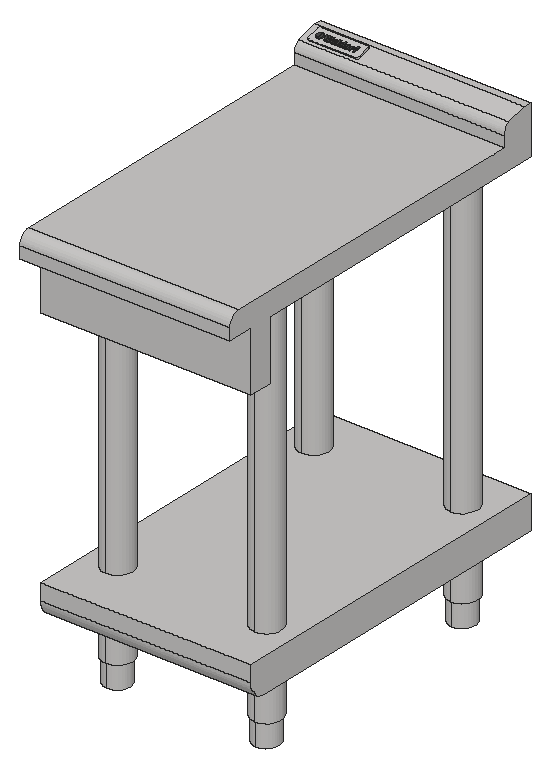
Revit family "QF_MOFFAT WALDORF_BTL8450-LS", category Specialty Equipment, Revit 2012
Parameters
  Weight in Pounds = 88.1848
  Width [instance] = 450.00 mm  # constant formula
  URL Cutsheet = "www.moffat.com"
  URL = "www.moffat.com"
  Type Mark [instance] = ""
  Status [instance] = ""
  Specification by User [instance] = ""
  Specification by Manufacturer = ""
  Show Logo [instance] = yes
  Show Casters [instance] = no
  Serial Number = ""
  Seismic Rating = ""
  SMACNA No = ""
  Revision Code [instance] = ""
  Omniclass Number and Title = ""
  NAFEM Spec ID Number = ""
  Model = "BTL8450-LS"
  Masterspec = ""
  Manufacturer = "MOFFAT WALDORF"
  Legs [instance] = not(Show Casters)  # yes
  Item Number [instance] = ""
  Installed By [instance] = ""
  Identify Quantity as Lot [instance] = yes
  Height = 972.00 mm  # constant formula
  Furnished By [instance] = ""
  Foodservice Equipment Identifier [instance] = yes
  Description = "BENCH TOP LOW SPLASHBACK ON LEG STAND"
  Depth [instance] = 805.00 mm  # constant formula
  CSI MasterFormat = ""
  CSI Master Format = ""
  Back Splash [instance] = 57.00 mm  # constant formula
Reference planes
  plane 1 "BACK": y = 0
  plane 2: z = 0
  plane 3 "LEFT": x = 0
  plane 4 "RIGHT": x = 450
  plane 5 "FRONT": y = -805
  plane 6 "TOP": z = 972
  plane 7 "Center Y": x = 225
  plane 8 "Center X": y = -402.5
  plane 9 "Base Height": z = 150
  plane 10: z = 915
  plane 11: x = 65
  plane 12: x = 384
  plane 13: y = -625
  plane 14: y = -100
Forms (mm)
  Extrusion 1, solid, material "QF_Finishes_Stainless Steel"
    sketch origin (0, 0, 0) x (0, 1, 0) y (0, 0, 1)
      loop
        line (0, 222.5) -> (-749, 222.5) -> (-749, 188)
        arc (-749, 188) -> (-737.87, 161.13) -> (-711, 150) r 38
        line (-711, 150) -> (0, 150) -> (0, 222.5)
      loop
        line (-805, 893) -> (-805, 868) -> (-749, 868) -> (-749, 740) -> (-699, 740) -> (-699, 868) -> (0, 868) -> (0, 972) -> (-16.5, 972) -> (-58, 960.88)
        arc (-58, 960.88) -> (-66.785, 952.095) -> (-70, 940.095) r 24
        line (-70, 940.095) -> (-70, 917) -> (-781, 917)
        arc (-781, 917) -> (-797.971, 909.971) -> (-805, 893) r 24
    from 0 to 450
  Revolve 2, solid, material "QF_Finishes_Stainless Steel", visible <- "Legs"
    sketch origin (65, -165, 0) x (0, 1, 0) y (0, 0, 1)
      loop
        line (33.25, 150) -> (33.25, 50) -> (37.5, 50) -> (37.5, 0) -> (65, 0) -> (65, 150) -> (33.25, 150)
      axis (65, 150) -> (65, 0)
    angle from 0 to 360
  Revolve 3, solid, material "QF_Finishes_Stainless Steel"
    sketch origin (65, -735, 0) x (0, 1, 0) y (0, 0, 1)
      loop
        line (78.25, 150) -> (78.25, 50) -> (82.5, 50) -> (82.5, 0) -> (110, 0) -> (110, 150) -> (78.25, 150)
      axis (110, 150) -> (110, 0)
    angle from 0 to 360
  Revolve 4, solid, material "QF_Finishes_Stainless Steel", visible <- "Legs"
    sketch origin (384, -165, 0) x (0, 1, 0) y (0, 0, -1)
      loop
        line (33.25, -150) -> (65, -150) -> (65, 0) -> (37.5, 0) -> (37.5, -50) -> (33.25, -50) -> (33.25, -150)
      axis (65, -150) -> (65, 0)
    angle from 0 to 360
  Revolve 5, solid, material "QF_Finishes_Stainless Steel"
    sketch origin (384, -735, 0) x (0, 1, 0) y (0, 0, -1)
      loop
        line (78.25, -150) -> (110, -150) -> (110, 0) -> (82.5, 0) -> (82.5, -50) -> (78.25, -50) -> (78.25, -150)
      axis (110, -150) -> (110, 0)
    angle from 0 to 360
  Extrusion 6, solid, material "QF_Finishes_Stainless Steel"
    sketch origin (0, -699, 222.5) x (0, -1, 0) y (1, 0, 0)
      loop
        circle (-599, 65) r 31.75
      loop
        circle (-599, 384) r 31.75
      loop
        circle (-74, 65) r 31.75
      loop
        circle (-74, 384) r 31.75
    from 0 to 645.5
Lines and regions (mm)
  symbolic lines
    curve 1: line (0, 0, 0) -> (0, -805, 0)
    curve 2: line (450, 0, 0) -> (0, 0, 0)
    curve 3: line (450, -805, 0) -> (450, 0, 0)
    curve 4: line (0, -70, 0) -> (450, -70, 0)
    curve 5: line (0, -805, 0) -> (450, -805, 0)
    curve 6: line (12.5, -51.234, 0) -> (121.5, -51.234, 0)
    curve 7: line (12.5, -51.234, 0) -> (12.5, -20.958, 0)
    curve 8: line (121.5, -20.958, 0) -> (121.5, -51.234, 0)
    curve 9: line (12.5, -20.958, 0) -> (121.5, -20.958, 0)
Dimensions and locks
  equal spacing: plane 3 "LEFT", plane 7 "Center Y", plane 4 "RIGHT"
  "Width": plane 3 "LEFT" to plane 4 "RIGHT"
  equal spacing: plane 5 "FRONT", plane 8 "Center X", plane 1 "BACK"
  "Depth": plane 5 "FRONT" to plane 1 "BACK"
  locked: plane 9 "Base Height" to level at 150
  nested 1 to plane 6 "TOP" to nested 1 to plane 10 = 0.882 mm, 7.954 mm, 49.046 mm
  plane 13 to plane 14 = 525.00 mm
  plane 12 to plane 11 = 319.00 mm
  "Height": plane 6 "TOP" to level
  aligned and locked: level to plane 2
Automatic sketch dimensions
  Revolve 2 sketch curve to plane 9 "Base Height" = 0.00 mm
  Revolve 2 sketch curve to level = 0.00 mm
  level to Revolve 2 sketch curve = 50.00 mm
  plane 1 "BACK" to Revolve 2 sketch curve = 131.75 mm
  Revolve 2 sketch curve to Revolve 2 sketch curve = 4.25 mm
  Revolve 2 sketch curve to Revolve 2 sketch curve = 27.50 mm  (x2)
  Revolve 2 sketch curve to level = 55.00 mm
  Revolve 2 sketch curve to Revolve 2 sketch curve = 0.00 mm
  Revolve 3 sketch curve to plane 9 "Base Height" = 0.00 mm
  Revolve 3 sketch curve to level = 0.00 mm
  level to Revolve 3 sketch curve = 50.00 mm
  Revolve 3 sketch curve to plane 5 "FRONT" = 148.25 mm
  Revolve 3 sketch curve to Revolve 3 sketch curve = 4.25 mm
  Revolve 3 sketch curve to Revolve 3 sketch curve = 27.50 mm  (x2)
  Revolve 3 sketch curve to level = 55.00 mm
  Revolve 3 sketch curve to Revolve 3 sketch curve = 0.00 mm
  Revolve 4 sketch curve to plane 9 "Base Height" = 0.00 mm
  Revolve 4 sketch curve to level = 0.00 mm
  level to Revolve 4 sketch curve = 50.00 mm
  plane 1 "BACK" to Revolve 4 sketch curve = 131.75 mm
  Revolve 4 sketch curve to Revolve 4 sketch curve = 4.25 mm
  Revolve 4 sketch curve to Revolve 4 sketch curve = 27.50 mm  (x2)
  Revolve 4 sketch curve to Revolve 4 sketch curve = 0.00 mm
  Revolve 4 sketch curve to Revolve 4 sketch curve = 55.00 mm
  Revolve 5 sketch curve to plane 9 "Base Height" = 0.00 mm
  Revolve 5 sketch curve to level = 0.00 mm
  level to Revolve 5 sketch curve = 50.00 mm
  Revolve 5 sketch curve to plane 5 "FRONT" = 148.25 mm
  Revolve 5 sketch curve to Revolve 5 sketch curve = 4.25 mm
  Revolve 5 sketch curve to Revolve 5 sketch curve = 27.50 mm  (x2)
  Revolve 5 sketch curve to Revolve 5 sketch curve = 0.00 mm
  Revolve 5 sketch curve to Revolve 5 sketch curve = 55.00 mm
  Extrusion 1 to Extrusion 6 sketch curve = 68.25 mm  (x2)
  Extrusion 6 sketch curve to Extrusion 6 sketch curve = 31.75 mm  (x4)
  Extrusion 1 to Extrusion 6 sketch curve = 65.00 mm  (x2)
  Extrusion 1 to Extrusion 6 sketch curve = 66.00 mm  (x2)
  Extrusion 1 to Extrusion 6 sketch curve = 155.75 mm  (x2)
  Extrusion 6 sketch curve to Extrusion 6 sketch curve = 0.00 mm  (x2)
  plane 1 "BACK" to curve 1 = 0.00 mm
  curve 1 to plane 3 "LEFT" = 0.00 mm
  curve 3 to plane 4 "RIGHT" = 0.00 mm
  plane 5 "FRONT" to curve 1 = 0.00 mm
  plane 3 "LEFT" to curve 6 = 12.50 mm
  plane 1 "BACK" to curve 9 = 20.958 mm
  plane 11 to curve 9 = 56.50 mm
  plane 14 to curve 4 = 30.00 mm
  curve 4 to curve 7 = 18.766 mm
  Extrusion 1 sketch curve to plane 5 "FRONT" = 0.00 mm
  Extrusion 1 sketch curve to plane 9 "Base Height" = 0.00 mm
  Extrusion 1 sketch curve to plane 6 "TOP" = 0.00 mm
  Extrusion 1 sketch curve to plane 1 "BACK" = 0.00 mm  (x2)
  plane 10 to Extrusion 1 sketch curve = 2.00 mm
  Extrusion 1 sketch curve to plane 5 "FRONT" = 24.00 mm
  Extrusion 1 sketch curve to Extrusion 1 sketch curve = 32.00 mm
  Extrusion 1 sketch curve to plane 5 "FRONT" = 56.00 mm
  Extrusion 1 sketch curve to Extrusion 1 sketch curve = 38.00 mm
  Extrusion 1 sketch curve to Extrusion 1 sketch curve = 50.00 mm
  plane 14 to Extrusion 1 sketch curve = 30.00 mm
  Extrusion 1 sketch curve to plane 6 "TOP" = 11.12 mm
  Extrusion 1 sketch curve to Extrusion 1 sketch curve = 24.00 mm
  Extrusion 1 sketch curve to Extrusion 1 sketch curve = 16.50 mm
  Extrusion 1 sketch curve to Extrusion 1 sketch curve = 34.50 mm
  Extrusion 1 sketch curve to Extrusion 1 sketch curve = 153.00 mm
  Extrusion 1 sketch curve to Extrusion 1 sketch curve = 25.00 mm
  Extrusion 1 sketch curve to plane 10 = 47.00 mm
  Extrusion 1 sketch curve to Extrusion 1 sketch curve = 12.00 mm
Nested families
  nested 1: "WALDORF-LOGO" at (12.5, -35.273, 938.69), visible <- "Show Logo", type "WALDORF-LOGO", detail levels medium+fine
    with Type Mark "", Status "", Specification by User "", Revision Code "", Item Number "", Installed By "", Identify Quantity as Lot yes, Furnished By "", Foodservice Equipment Identifier yes
  nested 2: "BTL8450-LS-CASTERS" at (65, -100, 0), Show Casters <- "Show Casters", visible <- "Show Casters", type "BTL8450-LS-CASTERS"
    with Type Mark "", Status "", Specification by User "", Show Casters no, Revision Code "", Item Number "", Installed By "", Identify Quantity as Lot yes, Furnished By "", Foodservice Equipment Identifier yes
  nested 3: "BTL8450-LS-CASTERS" at (383.952, -100, 0), Show Casters <- "Show Casters", visible <- "Show Casters", type "BTL8450-LS-CASTERS"
    with Type Mark "", Status "", Specification by User "", Show Casters no, Revision Code "", Item Number "", Installed By "", Identify Quantity as Lot yes, Furnished By "", Foodservice Equipment Identifier yes
Definition of nested family "WALDORF-LOGO"
  Parameters (values of type "WALDORF-LOGO")
    Weight in Pounds = 0
    URL Cutsheet = ""
    Type Mark [instance] = ""
    Status [instance] = ""
    Specification by User [instance] = ""
    Specification by Manufacturer = ""
    Show Logo [instance] = yes
    Serial Number = ""
    Seismic Rating = ""
    SMACNA No = ""
    Revision Code [instance] = ""
    Omniclass Number and Title = ""
    NAFEM Spec ID Number = ""
    Masterspec = ""
    Item Number [instance] = ""
    Installed By [instance] = ""
    Identify Quantity as Lot [instance] = yes
    Furnished By [instance] = ""
    Foodservice Equipment Identifier [instance] = yes
    CSI MasterFormat = ""
    CSI Master Format = ""
  Reference planes
    plane 1 "BACK": y = 0
    plane 2: z = 0
    plane 3 "LEFT": x = 0
    plane 4 "RIGHT": x = 109
    plane 5 "FRONT": y = -1.588
    plane 6 "TOP": z = 34.14
    plane 7 "Center Y": x = 54.5
    plane 8 "Center X": y = -0.794
    plane 9: through (-6096, 21.87, 34.14) normal (0, -0.2588, 0.9659)
  Forms (mm)
    Extrusion 1, solid, material "QF_Finishes_Stainless Steel", visible <- "Show Logo"
      sketch origin (0, -16.636, 23.822) x (1, 0, 0) y (0, 0.965926, 0.258819)
        loop
          arc (5, 34.14) -> (1.464, 32.676) -> (0, 29.14) r 5
          line (0, 29.14) -> (0, 5)
          arc (0, 5) -> (1.464, 1.464) -> (5, 0) r 5
          line (5, 0) -> (104, 0)
          arc (104, 0) -> (107.536, 1.464) -> (109, 5) r 5
          line (109, 5) -> (109, 29.14)
          arc (109, 29.14) -> (107.536, 32.676) -> (104, 34.14) r 5
          line (104, 34.14) -> (5, 34.14)
      from 0 to 1.588
    Extrusion 2, solid, material "QF_Finishes_Black", visible <- "Show Logo"
      sketch origin (0, -17.047, 25.356) x (1, 0, 0) y (0, 0.965926, 0.258819)
        loop
          line (24.772, 23.214) -> (27.992, 10.301) -> (31.551, 10.301) -> (33.443, 17.364) -> (35.205, 10.301) -> (39.332, 10.301) -> (42.077, 23.214) -> (38.352, 23.214) -> (36.676, 15.33) -> (35, 23.214) -> (31.752, 23.214) -> (30.076, 15.33) -> (28.4, 23.214) -> (24.772, 23.214)
        loop
          line (42.272, 17.055) -> (45.703, 17.055)
          spline (45.703, 17.055) -> (45.741, 17.285) -> (45.852, 17.499) -> (46.028, 17.682) -> (46.258, 17.823) -> (46.526, 17.912) -> (46.813, 17.942) -> (47.1, 17.912) -> (47.368, 17.823) -> (47.597, 17.682) -> (47.774, 17.499) -> (47.884, 17.285) -> (47.922, 17.055)
          line (47.922, 17.055) -> (47.922, 16.222)
          arc (47.922, 16.222) -> (45.742, 16.014) -> (43.665, 15.317) r 9.604
          arc (43.665, 15.317) -> (41.924, 12.809) -> (43.665, 10.301) r 2.677
          arc (43.665, 10.301) -> (45.527, 10.353) -> (47.332, 10.816) r 8.365
          line (47.332, 10.816) -> (48.092, 11.105) -> (48.092, 10.301) -> (51.817, 10.301) -> (51.817, 17.055)
          spline (51.817, 17.055) -> (51.654, 17.821) -> (51.178, 18.535) -> (50.419, 19.148) -> (49.431, 19.619) -> (48.28, 19.914) -> (47.044, 20.015) -> (45.809, 19.914) -> (44.658, 19.619) -> (43.67, 19.148) -> (42.911, 18.535) -> (42.434, 17.821) -> (42.272, 17.055)
        loop
          line (53.151, 23.214) -> (53.151, 10.301) -> (57.37, 10.301) -> (57.37, 23.214) -> (53.151, 23.214)
        loop
          line (64.874, 23.214) -> (64.874, 18.857)
          arc (64.874, 18.857) -> (58.083, 15.11) -> (64.874, 11.363) r 4.429
          line (64.874, 11.363) -> (64.874, 10.301) -> (68.378, 10.301) -> (68.378, 23.214) -> (64.874, 23.214)
        loop
          arc (64.874, 16.083) -> (61.41, 14.987) -> (64.874, 13.891) r 1.905
          line (64.874, 13.891) -> (64.874, 16.083)
        loop
          circle (74.623, 15.223) r 5
        loop
          spline (74.623, 17.856) -> (74.355, 17.766) -> (74.105, 17.503) -> (73.891, 17.084) -> (73.726, 16.539) -> (73.623, 15.904) -> (73.588, 15.223) -> (73.623, 14.541) -> (73.726, 13.906) -> (73.891, 13.361) -> (74.105, 12.942) -> (74.355, 12.679) -> (74.623, 12.59)
          spline (74.623, 12.59) -> (74.891, 12.679) -> (75.141, 12.942) -> (75.355, 13.361) -> (75.52, 13.906) -> (75.623, 14.541) -> (75.659, 15.223) -> (75.623, 15.904) -> (75.52, 16.539) -> (75.355, 17.084) -> (75.141, 17.503) -> (74.891, 17.766) -> (74.623, 17.856)
        loop
          line (81.255, 19.813) -> (81.255, 10.301) -> (84.834, 10.301) -> (84.834, 14.176)
          arc (84.834, 14.176) -> (85.854, 16.093) -> (88.013, 16.32) r 2.313
          line (88.013, 16.32) -> (88.013, 19.813) -> (87.161, 19.813)
          arc (87.161, 19.813) -> (85.526, 19.266) -> (84.549, 17.844) r 2.717
          line (84.549, 17.844) -> (84.549, 19.813) -> (81.255, 19.813)
        loop
          line (90.249, 19.813) -> (88.91, 19.813) -> (88.91, 17.614) -> (90.249, 17.614) -> (90.249, 10.301) -> (93.998, 10.301) -> (93.998, 17.614) -> (95.418, 17.614) -> (95.418, 19.813) -> (93.998, 19.813)
          arc (93.998, 19.813) -> (94.414, 20.817) -> (95.418, 21.233) r 1.42
          line (95.418, 21.233) -> (95.418, 23.602) -> (93.317, 23.602)
          arc (93.317, 23.602) -> (91.343, 22.903) -> (90.249, 21.118) r 3.137
          line (90.249, 21.118) -> (90.249, 19.813)
        loop
          arc (15.241, 23.571) -> (8.392, 16.525) -> (15.241, 9.479) r 7.049
          line (15.241, 9.479) -> (15.241, 23.571)
        loop
          line (15.641, 23.571) -> (15.641, 9.479)
          arc (15.641, 9.479) -> (22.49, 16.525) -> (15.641, 23.571) r 7.049
        loop
          arc (47.922, 14.711) -> (46.266, 13.749) -> (47.922, 12.787) r 1.107
          line (47.922, 12.787) -> (47.922, 14.711)
      from 0 to 0.2
  Dimensions and locks
    equal spacing: plane 3 "LEFT", plane 7 "Center Y", plane 4 "RIGHT"
    plane 3 "LEFT" to plane 4 "RIGHT" = 109.00 mm
    equal spacing: plane 5 "FRONT", plane 8 "Center X", plane 1 "BACK"
    plane 5 "FRONT" to plane 1 "BACK" = 1.588 mm
    aligned and locked: level to plane 2
  Automatic sketch dimensions
    Extrusion 1 sketch curve to plane 3 "LEFT" = 0.00 mm
    Extrusion 1 sketch curve to plane 4 "RIGHT" = 0.00 mm
    plane 3 "LEFT" to Extrusion 1 sketch curve = 5.00 mm  (x2)
    plane 4 "RIGHT" to Extrusion 1 sketch curve = 5.00 mm  (x2)
    Extrusion 1 sketch curve to Extrusion 1 sketch curve = 24.14 mm
    Extrusion 2 sketch curve to Extrusion 2 sketch curve = 0.00 mm  (x14)
    Extrusion 2 sketch curve to Extrusion 1 = 15.241 mm
    Extrusion 2 sketch curve to Extrusion 2 sketch curve = 0.20 mm
    Extrusion 2 sketch curve to Extrusion 2 sketch curve = 0.40 mm
    Extrusion 2 sketch curve to Extrusion 2 sketch curve = 9.131 mm
    Extrusion 2 sketch curve to Extrusion 1 = 10.301 mm  (x2)
    Extrusion 2 sketch curve to Extrusion 2 sketch curve = 12.351 mm
    Extrusion 2 sketch curve to Extrusion 2 sketch curve = 3.628 mm
    Extrusion 2 sketch curve to Extrusion 2 sketch curve = 2.084 mm
    Extrusion 2 sketch curve to Extrusion 2 sketch curve = 3.559 mm
    Extrusion 2 sketch curve to Extrusion 1 = 10.926 mm  (x2)
    Extrusion 2 sketch curve to Extrusion 2 sketch curve = 3.352 mm  (x2)
    Extrusion 2 sketch curve to Extrusion 2 sketch curve = 3.367 mm
    Extrusion 2 sketch curve to Extrusion 2 sketch curve = 3.249 mm
    Extrusion 2 sketch curve to Extrusion 2 sketch curve = 3.654 mm
    Extrusion 2 sketch curve to Extrusion 1 = 15.33 mm
    Extrusion 2 sketch curve to Extrusion 2 sketch curve = 3.233 mm
    Extrusion 2 sketch curve to Extrusion 2 sketch curve = 4.128 mm
    Extrusion 2 sketch curve to Extrusion 2 sketch curve = 3.725 mm
    Extrusion 2 sketch curve to Extrusion 2 sketch curve = 5.596 mm
    Extrusion 2 sketch curve to Extrusion 2 sketch curve = 4.333 mm
    Extrusion 2 sketch curve to Extrusion 2 sketch curve = 1.394 mm
    Extrusion 2 sketch curve to Extrusion 2 sketch curve = 2.092 mm
    Extrusion 2 sketch curve to Extrusion 2 sketch curve = 0.936 mm
    Extrusion 2 sketch curve to Extrusion 2 sketch curve = 1.34 mm
    Extrusion 2 sketch curve to Extrusion 2 sketch curve = 1.109 mm
    Extrusion 2 sketch curve to Extrusion 2 sketch curve = 0.232 mm
    Extrusion 2 sketch curve to Extrusion 2 sketch curve = 2.731 mm
    Extrusion 2 sketch curve to Extrusion 2 sketch curve = 0.549 mm  (x2)
    Extrusion 2 sketch curve to Extrusion 2 sketch curve = 0.407 mm
    Extrusion 2 sketch curve to Extrusion 2 sketch curve = 0.76 mm
    Extrusion 2 sketch curve to Extrusion 2 sketch curve = 1.334 mm
    Extrusion 2 sketch curve to Extrusion 2 sketch curve = 4.219 mm
    Extrusion 2 sketch curve to Extrusion 2 sketch curve = 5.142 mm
    Extrusion 2 sketch curve to Extrusion 2 sketch curve = 0.803 mm
    Extrusion 2 sketch curve to Extrusion 2 sketch curve = 1.558 mm
    Extrusion 2 sketch curve to Extrusion 2 sketch curve = 3.504 mm
    Extrusion 2 sketch curve to Extrusion 2 sketch curve = 6.245 mm
    Extrusion 2 sketch curve to Extrusion 2 sketch curve = 6.632 mm
    Extrusion 2 sketch curve to Extrusion 2 sketch curve = 3.294 mm
    Extrusion 2 sketch curve to Extrusion 2 sketch curve = 3.579 mm
    Extrusion 2 sketch curve to Extrusion 2 sketch curve = 2.313 mm
    Extrusion 2 sketch curve to Extrusion 2 sketch curve = 2.612 mm
    Extrusion 2 sketch curve to Extrusion 2 sketch curve = 0.852 mm
    Extrusion 2 sketch curve to Extrusion 2 sketch curve = 0.897 mm
    Extrusion 2 sketch curve to Extrusion 2 sketch curve = 3.102 mm
    Extrusion 2 sketch curve to Extrusion 2 sketch curve = 1.338 mm
    Extrusion 2 sketch curve to Extrusion 2 sketch curve = 3.068 mm
    Extrusion 2 sketch curve to Extrusion 2 sketch curve = 0.681 mm
    Extrusion 2 sketch curve to Extrusion 2 sketch curve = 3.749 mm
    Extrusion 2 sketch curve to Extrusion 2 sketch curve = 1.42 mm
    Extrusion 2 sketch curve to Extrusion 2 sketch curve = 5.029 mm  (x2)
    Extrusion 2 sketch curve to Extrusion 1 = 9.479 mm
    Extrusion 2 sketch curve to Extrusion 2 sketch curve = 3.681 mm
    Extrusion 2 sketch curve to Extrusion 2 sketch curve = 0.515 mm
    Extrusion 2 sketch curve to Extrusion 2 sketch curve = 0.804 mm
    Extrusion 2 sketch curve to Extrusion 2 sketch curve = 1.062 mm
    Extrusion 2 sketch curve to Extrusion 2 sketch curve = 1.682 mm
    Extrusion 2 sketch curve to Extrusion 2 sketch curve = 2.508 mm
    Extrusion 2 sketch curve to Extrusion 2 sketch curve = 0.962 mm
    Extrusion 2 sketch curve to Extrusion 2 sketch curve = 2.528 mm
    Extrusion 2 sketch curve to Extrusion 2 sketch curve = 3.875 mm
    Extrusion 2 sketch curve to Extrusion 2 sketch curve = 1.096 mm
    Extrusion 2 sketch curve to Extrusion 2 sketch curve = 0.123 mm
    Extrusion 2 sketch curve to Extrusion 2 sketch curve = 4.922 mm
    Extrusion 2 sketch curve to Extrusion 2 sketch curve = 7.046 mm
    Extrusion 2 sketch curve to Extrusion 2 sketch curve = 0.833 mm
    Extrusion 2 sketch curve to Extrusion 2 sketch curve = 0.776 mm
    Extrusion 2 sketch curve to Extrusion 2 sketch curve = 2.034 mm
    Extrusion 2 sketch curve to Extrusion 2 sketch curve = 7.314 mm
    Extrusion 2 sketch curve to Extrusion 2 sketch curve = 1.295 mm
    Extrusion 2 sketch curve to Extrusion 2 sketch curve = 0.749 mm
    Extrusion 2 sketch curve to Extrusion 2 sketch curve = 2.633 mm
    Extrusion 2 sketch curve to Extrusion 2 sketch curve = 2.198 mm  (x2)
    Extrusion 2 sketch curve to Extrusion 2 sketch curve = 1.968 mm
    Extrusion 2 sketch curve to Extrusion 2 sketch curve = 0.653 mm
    Extrusion 2 sketch curve to Extrusion 2 sketch curve = 1.305 mm
    Extrusion 2 sketch curve to Extrusion 2 sketch curve = 4.357 mm
    Extrusion 2 sketch curve to Extrusion 2 sketch curve = 6.159 mm
    radius of Extrusion 2 sketch curve = 5.00 mm
Definition of nested family "BTL8450-LS-CASTERS"
  Parameters (values of type "BTL8450-LS-CASTERS")
    Weight = ""
    URL Manufacturer = ""
    URL Cutsheet = ""
    URL = ""
    Type Mark [instance] = ""
    Status [instance] = ""
    Specification by User [instance] = ""
    Specification by Manufacturer = ""
    Show Casters [instance] = no
    Serial Number = ""
    Seismic Rating = ""
    SMACNA No = ""
    Revision Code [instance] = ""
    Omniclass Number and Title = ""
    NAFEM Spec ID Number = ""
    Model = ""
    MasterSpec. = ""
    Manufacturer = ""
    Item Number [instance] = ""
    Installed By [instance] = ""
    Identify Quantity as Lot [instance] = yes
    Furnished By [instance] = ""
    Foodservice Equipment Identifier [instance] = yes
    Description = ""
    CSI MasterFormat = ""
    CSI Master Format = ""
    Assembly Code = ""
  Reference planes
    plane 1: z = 0
    plane 2 "RIGHT": x = 0
    plane 3 "FRONT": y = 0
    plane 4 "TOP": z = 150
  Forms (mm)
    Revolve 1, solid, material "QF_Finishes_Stainless Steel", visible <- "Show Casters"
      sketch origin (0, 56.335, 0) x (0, 1, 0) y (0, 0, 1)
        loop
          line (-56.335, 150) -> (-56.335, 141.118) -> (-23.798, 141.118) -> (-23.798, 150) -> (-56.335, 150)
        axis (-56.335, 141.118) -> (-56.335, 150)
      angle from 0 to 360
    Extrusion 2, solid, material "QF_Finishes_Stainless Steel", visible <- "Show Casters"
      sketch origin (-46.049, 56.335, 0) x (0, 1, 0) y (0, 0, 1)
        loop
          line (-85.799, 141.118) -> (-85.799, 133.498) -> (-82.136, 133.498)
          arc (-82.136, 133.498) -> (-79.344, 132.328) -> (-77.146, 130.248) r 8.432
          line (-77.146, 130.248) -> (-39.502, 49.52)
          arc (-39.502, 49.52) -> (-13.784, 46.107) -> (-5.673, 70.75) r 20.32
          arc (-5.673, 70.75) -> (-7.065, 73.611) -> (-8.887, 76.22) r 20.32
          arc (-8.887, 76.22) -> (-9.399, 85.377) -> (-6.626, 94.119) r 25.4
          line (-6.626, 94.119) -> (8.003, 121.632)
          arc (8.003, 121.632) -> (-2.347, 126.31) -> (-13.34, 129.167) r 66.802
          line (-13.34, 129.167) -> (-13.765, 133.498) -> (-26.871, 133.498) -> (-26.871, 141.118) -> (-85.799, 141.118)
      from 20.058 to 22.923
    Extrusion 3, solid, material "QF_Finishes_Stainless Steel", visible <- "Show Casters"
      sketch origin (3.326, 56.335, 0) x (0, 1, 0) y (0, 0, 1)
        loop
          line (-85.799, 141.118) -> (-85.799, 133.498) -> (-82.136, 133.498)
          arc (-82.136, 133.498) -> (-79.344, 132.328) -> (-77.146, 130.248) r 8.432
          line (-77.146, 130.248) -> (-39.502, 49.52)
          arc (-39.502, 49.52) -> (-13.784, 46.107) -> (-5.673, 70.75) r 20.32
          arc (-5.673, 70.75) -> (-7.065, 73.611) -> (-8.887, 76.22) r 20.32
          arc (-8.887, 76.22) -> (-9.399, 85.377) -> (-6.626, 94.119) r 25.4
          line (-6.626, 94.119) -> (8.003, 121.632)
          arc (8.003, 121.632) -> (-2.347, 126.31) -> (-13.34, 129.167) r 66.802
          line (-13.34, 129.167) -> (-13.765, 133.498) -> (-26.871, 133.498) -> (-26.871, 141.118) -> (-85.799, 141.118)
      from 20.058 to 22.923
    Extrusion 4, solid, material "QF_Finishes_Stainless Steel", visible <- "Show Casters"
      sketch origin (-49.224, 56.335, 0) x (0, 1, 0) y (0, 0, 1)
        loop
          line (-85.799, 141.118) -> (-85.799, 133.498) -> (-82.136, 133.498) -> (-18.877, 127.964) -> (7.14, 120.01) -> (8.003, 121.632)
          arc (8.003, 121.632) -> (-2.347, 126.31) -> (-13.34, 129.167) r 66.802
          line (-13.34, 129.167) -> (-13.765, 133.498) -> (-26.871, 133.498) -> (-26.871, 141.118) -> (-85.799, 141.118)
      from 26.098 to 72.56
    Revolve 5, solid, material "QF_Finishes_Stainless Steel", visible <- "Show Casters"
      sketch origin (-49.224, 30.821, 0) x (1, 0, 0) y (0, 0, 1)
        loop
          line (14.841, 63.604) -> (83.584, 63.604) -> (83.584, 67.109) -> (82.314, 68.379) -> (80.79, 68.379) -> (80.79, 71.826) -> (68.644, 71.826) -> (68.644, 81.79) -> (65.088, 83.843) -> (61.683, 104.879) -> (65.881, 104.879) -> (65.881, 111.229) -> (65.088, 111.229) -> (65.088, 117.579)
          arc (65.088, 117.579) -> (62.298, 124.314) -> (55.563, 127.104) r 9.525
          line (55.563, 127.104) -> (42.863, 127.104)
          arc (42.863, 127.104) -> (36.127, 124.314) -> (33.338, 117.579) r 9.525
          line (33.338, 117.579) -> (33.338, 111.229) -> (32.544, 111.229) -> (32.544, 104.879) -> (36.742, 104.879) -> (33.352, 83.932) -> (29.782, 81.871) -> (29.782, 71.826) -> (17.635, 71.826) -> (17.635, 68.379) -> (16.111, 68.379) -> (14.841, 67.109) -> (14.841, 63.604)
        axis (14.841, 63.604) -> (83.584, 63.604)
      angle from 0 to 360
  Cuts and joins
    joined: Extrusion 2, Extrusion 3, Extrusion 4
  Lines and regions (mm)
    symbolic lines, style "SpecialityEquipmentHiddenLines", visible <- "Show Casters"
      curve 1: line (18.009, 67.053, 0) -> (45.595, 51.127, 0)
      curve 2: line (-45.491, -42.932, 0) -> (18.009, 67.053, 0)
      curve 3: line (-17.905, -58.859, 0) -> (-45.491, -42.932, 0)
      curve 4: line (45.595, 51.127, 0) -> (-17.905, -58.859, 0)
  Dimensions and locks
    plane 4 "TOP" to level = 150.00 mm  (x2)
    Revolve 5 sketch curve to Revolve 5 sketch curve = 63.50 mm
    aligned and locked: level to plane 1
